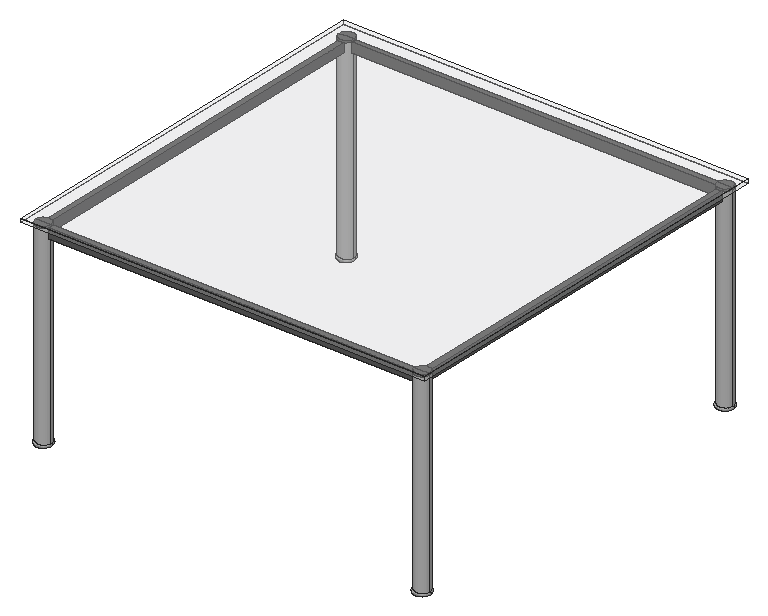
Revit family "Haworth_LC10P_Table", category Furniture, Revit 2018
Family settings
  OmniClass Number = 23.40.70.14.64.21
  OmniClass Title = Systems Furniture
  Work Plane-Based = No
  Always vertical = Yes
  Cut with Voids When Loaded = No
  Shared = No
  Room Calculation Point = No
Parameters (values of type "HCCS-L10 - High Table Large Square")
  Warranty = "http://www.haworth.com/resources/product-info/warranties"
  URL - Product = "https://www.haworth.com/na/en/products/side-occasional/lc10-p.html"
  Trim Finish [instance] = Haworth _ Paint _ Collection Black
  Top Finish [instance] = Haworth _ Glass _ Clear
  Support Location_Front_Back = 1 3/4"  # constant formula
  Support Location Offset = 3/8"  # constant formula
  Model = "HCCS-L10"  # constant formula
  URL = "http://www.haworth.com/our-brands/haworth-collection"
  Size = "Verify Final Dim. w/ Haworth"  # constant formula
  Revision Number = "4"  # constant formula
  Manufacturer = "Haworth"  # constant formula
  Support Location_Side = 1 3/4"  # constant formula
  Low Table_Small Square = no
  Low Table_Rectangle = no
  Low Table_Large Square = no
  Leg Half = 1"  # constant formula
  Leg Finish = Haworth _ Metal _ Chrome
  High Table_Rectangle = no
  High Table_Large Square = not(or(Low Table_Small Square, Low Table_Rectangle, Low Table_Large Square, High Table_Rectangle))  # yes
  Hardware Finish = Haworth _ Paint _ Collection Black
  Glide Height = 5/16"  # constant formula
  Frame Offset = 3/16"  # constant formula
  Frame Height = 1 5/16"  # constant formula
  Description = "Haworth LC10P Table"  # constant formula
  Author = "Haworth (Hampton)"  # constant formula
  Assembly Code = "E2020200"
  Actual Width = if(Low Table_Small Square, 27 1/2", if(or(Low Table_Rectangle, High Table_Rectangle), 47", 55"))  # 55"
  Actual Height = if(or(Low Table_Small Square, Low Table_Rectangle, Low Table_Large Square), 13", 27 1/2")  # 27 1/2"
  Table Top Thickness = 9/16"  # constant formula
  Actual Depth = if(Low Table_Small Square, 27 1/2", if(or(Low Table_Rectangle, High Table_Rectangle), 31 1/2", 55"))  # 55"
Types (6): name | Low Table_Small Square | Low Table_Rectangle | Low Table_Large Square | High Table_Rectangle | High Table_Large Square | Actual Width | Actual Height | Actual Depth
  (no name) | no | no | no | no | yes | 55" | 27 1/2" | 55"
  HCCS-L10 - High Table Large Square | no | no | no | no | yes | 55" | 27 1/2" | 55"
  HCCS-L10 - High Table Rectangle | no | no | no | yes | no | 47" | 27 1/2" | 31 1/2"
  HCCS-L10 - Low Table Large Square | no | no | yes | no | no | 55" | 13" | 55"
  HCCS-L10 - Low Table Rectangle | no | yes | no | no | no | 47" | 13" | 31 1/2"
  HCCS-L10 - Low Table Small Square | yes | no | no | no | no | 27 1/2" | 13" | 27 1/2"
Reference planes (in)
  plane 1 "Center F/B": y = -0.15866
  plane 2 "Floor": z = 0
  plane 3 "Center L/R": x = 0
  plane 4 "Table Edge Left": x = -27.5
  plane 5 "Table Edge Right": x = 27.5
  plane 6 "Table Edge Back": y = -27.65866
  plane 7 "Table Edge Front": y = 27.34134
  plane 8 "Table Top Top": z = 27.5
  plane 9 "Left Support Location": x = -25.75
  plane 10 "Back Support Location": y = 25.59134
  plane 11 "Front Support Location": y = -25.90866
  plane 12 "Right Support Location": x = 25.75
  plane 13 "masking region": z = 27
  plane 14 "Table Top Bottom": z = 26.9375
  plane 15 "Glide Top": z = 0.3125
  plane 16 "Frame Bottom": z = 25.4375
  plane 17 "Offset 2": y = -25.53366
  plane 18 "Offset 3": y = 25.21634
  plane 19 "Frame Top": z = 26.75
  plane 20 "Offset 1": y = -26.28366
  plane 21 "Offset 4": y = 25.96634
  plane 22 "Offset 5": x = -26.125
  plane 23 "Offset 6": x = -25.375
  plane 24 "Offset 8": x = 26.125
  plane 25 "Offset 7": x = 25.375
  plane 26 "Leg 1": x = -26.75
  plane 27 "Leg 2": x = -24.75
  plane 28 "Leg 4": x = 26.75
  plane 29 "Leg 3": x = 24.75
  plane 30 "Leg 6": y = -24.90866
  plane 31 "Leg 5": y = -26.90866
  plane 32 "Leg 7": y = 24.59134
  plane 33 "Leg 8": y = 26.59134
Forms (in)
  Extrusion 1, solid, material "Haworth _ Glass _ Clear" <- "Top Finish"
    sketch origin (0, 0, 0) x (1, 0, 0) y (0, 1, 0)
      loop
        line (-27.5, 27.34134) -> (-27.5, -27.65866) -> (27.5, -27.65866) -> (27.5, 27.34134) -> (-27.5, 27.34134)
    from 27.5 to 26.9375
  Revolve 2, solid, material "Haworth _ Metal _ Chrome" <- "Leg Finish"
    sketch origin (0, -25.90866, 0) x (-1, 0, 0) y (0, 0, 1)
      loop
        line (26.75, 0.3125) -> (26.75, 26.75) -> (26.75, 26.9375) -> (25.75, 26.9375) -> (25.75, 0) -> (26.75, 0)
        arc (26.75, 0) -> (26.90625, 0.15625) -> (26.75, 0.3125) r 0.15625
      axis (25.75, 26.9375) -> (25.75, 0)
    angle from 0 to 360
  Revolve 3, solid, material "Haworth _ Metal _ Chrome" <- "Leg Finish"
    sketch origin (0, -25.90866, 0) x (1, 0, 0) y (0, 0, 1)
      loop
        line (26.75, 0.31218) -> (26.75, 26.75) -> (26.75, 26.9375) -> (25.75, 26.9375) -> (25.75, 0) -> (26.76001, 0)
        arc (26.76001, 0) -> (26.91618, 0.16126) -> (26.75, 0.31218) r 0.15625
      axis (25.75, 26.9375) -> (25.75, 0)
    angle from 0 to 360
  Revolve 4, solid, material "Haworth _ Metal _ Chrome" <- "Leg Finish"
    sketch origin (0, 25.59134, 0) x (-1, 0, 0) y (0, 0, 1)
      loop
        line (26.75, 0.3125) -> (26.75, 26.75) -> (26.75, 26.9375) -> (25.75, 26.9375) -> (25.75, 0) -> (26.75, 0)
        arc (26.75, 0) -> (26.90625, 0.15625) -> (26.75, 0.3125) r 0.15625
      axis (25.75, 26.9375) -> (25.75, 0)
    angle from 0 to 360
  Revolve 5, solid, material "Haworth _ Metal _ Chrome" <- "Leg Finish"
    sketch origin (0, 25.59134, 0) x (-1, 0, 0) y (0, 0, 1)
      loop
        arc (-26.75, 0.3125) -> (-26.90625, 0.15625) -> (-26.75, 0) r 0.15625
        line (-26.75, 0) -> (-25.75, 0) -> (-25.75, 26.9375) -> (-26.75, 26.9375) -> (-26.75, 26.75) -> (-26.75, 0.3125)
      axis (-25.75, 26.9375) -> (-25.75, 0)
    angle from 0 to 360
  Extrusion 6, solid, material "Haworth _ Paint _ Collection Black" <- "Trim Finish"
    sketch origin (0, 0, 28.70313) x (-1, 0, 0) y (0, -1, 0)
      loop
        line (24.75, 25.53366) -> (24.75, 26.28366) -> (-24.75, 26.28366) -> (-24.75, 25.53366) -> (24.75, 25.53366)
      loop
        line (24.75, -25.96634) -> (24.75, -25.21634) -> (-24.75, -25.21634) -> (-24.75, -25.96634) -> (24.75, -25.96634)
      loop
        line (26.125, -24.59134) -> (26.125, 24.90866) -> (25.375, 24.90866) -> (25.375, -24.59134) -> (26.125, -24.59134)
      loop
        line (-25.375, -24.59134) -> (-25.375, 24.90866) -> (-26.125, 24.90866) -> (-26.125, -24.59134) -> (-25.375, -24.59134)
    from -3.26562 to -1.95312
Lines and regions (in)
  Masking region 1
    outline origin (0, 0, 27) x (0, -1, 0) y (1, 0, 0)
      loop
        line (-27.34134, -27.5) -> (27.65866, -27.5) -> (27.65866, 27.5) -> (-27.34134, 27.5) -> (-27.34134, -27.5)
  symbolic lines, detail levels fine
    curve 1: circle (-25.75, 25.59134, 28.70313) r 1 normal (0, 0, 1)
    curve 2: circle (-25.75, -25.90866, 28.70313) r 1 normal (0, 0, 1)
    curve 3: circle (25.75, -25.90866, 28.70313) r 1 normal (0, 0, 1)
    curve 4: circle (25.75, 25.59134, 28.70313) r 1 normal (0, 0, 1)
    curve 5: line (24.75, 25.59134, 28.70313) -> (-24.75, 25.59134, 28.70313)
    curve 6: line (-25.75, 24.59134, 28.70313) -> (-25.75, -24.90866, 28.70313)
    curve 7: line (-24.75, -25.90866, 28.70313) -> (24.75, -25.90866, 28.70313)
    curve 8: line (25.75, -24.90866, 28.70313) -> (25.75, 24.59134, 28.70313)
Dimensions and locks (in)
  "Actual Depth": plane 7 "Table Edge Front" to plane 6 "Table Edge Back"
  "Actual Width": plane 4 "Table Edge Left" to plane 5 "Table Edge Right"
  equal spacing: plane 4 "Table Edge Left", plane 3 "Center L/R", plane 5 "Table Edge Right"
  equal spacing: plane 7 "Table Edge Front", plane 1 "Center F/B", plane 6 "Table Edge Back"
  "Actual Height": plane 8 "Table Top Top" to level
  "Support Location_Side": plane 4 "Table Edge Left" to plane 9 "Left Support Location"
  "Support Location_Side": plane 12 "Right Support Location" to plane 5 "Table Edge Right"
  "Support Location_Front_Back": plane 7 "Table Edge Front" to plane 10 "Back Support Location"
  "Support Location_Front_Back": plane 11 "Front Support Location" to plane 6 "Table Edge Back"
  "Table Top Thickness": plane 8 "Table Top Top" to plane 14 "Table Top Bottom"
  "Frame Height": plane 19 "Frame Top" to plane 16 "Frame Bottom"
  "Frame Offset": plane 14 "Table Top Bottom" to plane 19 "Frame Top"
  "Glide Height": plane 15 "Glide Top" to plane 2 "Floor"
  "Support Location Offset": plane 22 "Offset 5" to plane 9 "Left Support Location"
  "Support Location Offset": plane 9 "Left Support Location" to plane 23 "Offset 6"
  "Support Location Offset": plane 25 "Offset 7" to plane 12 "Right Support Location"
  "Support Location Offset": plane 12 "Right Support Location" to plane 24 "Offset 8"
  "Support Location Offset": plane 21 "Offset 4" to plane 10 "Back Support Location"
  "Support Location Offset": plane 10 "Back Support Location" to plane 18 "Offset 3"
  "Support Location Offset": plane 17 "Offset 2" to plane 11 "Front Support Location"
  "Support Location Offset": plane 11 "Front Support Location" to plane 20 "Offset 1"
  "Leg Half": plane 26 "Leg 1" to plane 9 "Left Support Location"
  "Leg Half": plane 9 "Left Support Location" to plane 27 "Leg 2"
  "Leg Half": plane 29 "Leg 3" to plane 12 "Right Support Location"
  "Leg Half": plane 12 "Right Support Location" to plane 28 "Leg 4"
  "Leg Half": plane 30 "Leg 6" to plane 11 "Front Support Location"
  "Leg Half": plane 11 "Front Support Location" to plane 31 "Leg 5"
  "Leg Half": plane 10 "Back Support Location" to plane 32 "Leg 7"
  "Leg Half": plane 33 "Leg 8" to plane 10 "Back Support Location"
  aligned: Extrusion 1 to plane 8 "Table Top Top"
  aligned and locked: plane 4 "Table Edge Left" to Masking region 1 sketch curve
  aligned and locked: Masking region 1 sketch curve to plane 7 "Table Edge Front"
  aligned and locked: Extrusion 1 to plane 14 "Table Top Bottom"
  aligned and locked: Extrusion 1 to plane 8 "Table Top Top"
  aligned and locked: Extrusion 6 sketch curve to plane 29 "Leg 3"  (x2)
  aligned and locked: plane 20 "Offset 1" to Extrusion 6 sketch curve
  aligned and locked: plane 17 "Offset 2" to Extrusion 6 sketch curve
  aligned and locked: Extrusion 6 sketch curve to plane 27 "Leg 2"  (x2)
  aligned and locked: Extrusion 6 to plane 16 "Frame Bottom"
  aligned and locked: plane 19 "Frame Top" to Extrusion 6
  aligned and locked: plane 21 "Offset 4" to Extrusion 6 sketch curve
  aligned and locked: plane 18 "Offset 3" to Extrusion 6 sketch curve
  aligned and locked: Extrusion 6 sketch curve to plane 30 "Leg 6"  (x2)
  aligned and locked: plane 23 "Offset 6" to Extrusion 6 sketch curve
  aligned and locked: plane 22 "Offset 5" to Extrusion 6 sketch curve
  aligned and locked: Extrusion 6 sketch curve to plane 32 "Leg 7"  (x2)
  aligned and locked: plane 25 "Offset 7" to Extrusion 6 sketch curve
  aligned and locked: plane 24 "Offset 8" to Extrusion 6 sketch curve
  aligned and locked: Extrusion 1 to plane 4 "Table Edge Left"
  aligned and locked: Extrusion 1 to plane 6 "Table Edge Back"
  aligned and locked: plane 5 "Table Edge Right" to Extrusion 1
  aligned and locked: plane 7 "Table Edge Front" to Extrusion 1
  aligned and locked: Masking region 1 to plane 6 "Table Edge Back"
  aligned and locked: plane 5 "Table Edge Right" to Masking region 1
  aligned and locked: plane 19 "Frame Top" to Revolve 3 sketch curve
  aligned and locked: Revolve 3 sketch curve to plane 14 "Table Top Bottom"
  aligned and locked: plane 19 "Frame Top" to Revolve 5 sketch curve
  aligned and locked: Revolve 5 sketch curve to plane 14 "Table Top Bottom"
  aligned and locked: level to Revolve 5 sketch curve
  aligned and locked: plane 15 "Glide Top" to Revolve 5 sketch curve
  aligned and locked: plane 2 "Floor" to Revolve 3 sketch curve
  aligned and locked: Revolve 2 sketch curve to plane 2 "Floor"
  aligned and locked: plane 15 "Glide Top" to Revolve 2 sketch curve
  aligned and locked: plane 19 "Frame Top" to Revolve 2 sketch curve
  aligned and locked: plane 14 "Table Top Bottom" to Revolve 2 sketch curve
  aligned and locked: plane 14 "Table Top Bottom" to Revolve 4 sketch curve
  aligned and locked: Revolve 4 sketch curve to plane 2 "Floor"
  aligned and locked: plane 15 "Glide Top" to Revolve 4 sketch curve
Automatic sketch dimensions
  Extrusion 1 sketch curve to plane 4 "Table Edge Left" = 0"
  plane 5 "Table Edge Right" to Extrusion 1 sketch curve = 0"
  Extrusion 1 sketch curve to plane 6 "Table Edge Back" = 0"
  plane 7 "Table Edge Front" to Extrusion 1 sketch curve = 0"
  Masking region 1 sketch curve to plane 6 "Table Edge Back" = 0"
  plane 5 "Table Edge Right" to Masking region 1 sketch curve = 0"
  Revolve 4 sketch curve to plane 9 "Left Support Location" = 0"  (x2)
  Revolve 4 sketch curve to plane 26 "Leg 1" = 0"
  Revolve 4 sketch curve to plane 19 "Frame Top" = 0"
  Revolve 4 sketch curve to Revolve 4 sketch curve = 12"
  Revolve 4 sketch curve to plane 8 "Table Top Top" = 68 1/2"
  plane 28 "Leg 4" to Revolve 5 sketch curve = 0"
  Revolve 5 sketch curve to plane 12 "Right Support Location" = 0"  (x2)
  Revolve 5 sketch curve to Revolve 5 sketch curve = 12"
  Revolve 5 sketch curve to plane 8 "Table Top Top" = 68 1/2"
  curve 8 to plane 12 "Right Support Location" = 0"
  curve 3 to plane 11 "Front Support Location" = 0"
  curve 3 to plane 12 "Right Support Location" = 0"
  curve 4 to plane 10 "Back Support Location" = 0"
  curve 4 to plane 12 "Right Support Location" = 0"
  curve 7 to plane 11 "Front Support Location" = 0"
  curve 7 to plane 29 "Leg 3" = 0"
  curve 5 to plane 10 "Back Support Location" = 0"
  curve 7 to plane 27 "Leg 2" = 0"
  curve 5 to plane 27 "Leg 2" = 0"
  curve 6 to plane 9 "Left Support Location" = 0"
  curve 2 to plane 9 "Left Support Location" = 0"
  curve 1 to plane 9 "Left Support Location" = 0"
  curve 1 to plane 10 "Back Support Location" = 0"
  curve 8 to plane 32 "Leg 7" = 0"
  plane 30 "Leg 6" to curve 6 = 0"
  Revolve 3 sketch curve to plane 12 "Right Support Location" = 0"  (x2)
  plane 28 "Leg 4" to Revolve 3 sketch curve = 0"
  plane 28 "Leg 4" to Revolve 3 sketch curve = 0.01001"
  Revolve 3 sketch curve to Revolve 3 sketch curve = 0.15593"
  Revolve 3 sketch curve to Revolve 3 sketch curve = 12"
  plane 8 "Table Top Top" to Revolve 3 sketch curve = 68 1/2"
  Revolve 2 sketch curve to plane 9 "Left Support Location" = 0"  (x2)
  Revolve 2 sketch curve to plane 26 "Leg 1" = 0"
  Revolve 2 sketch curve to Revolve 2 sketch curve = 12"
  Revolve 2 sketch curve to Revolve 2 sketch curve = 69 1/16"
